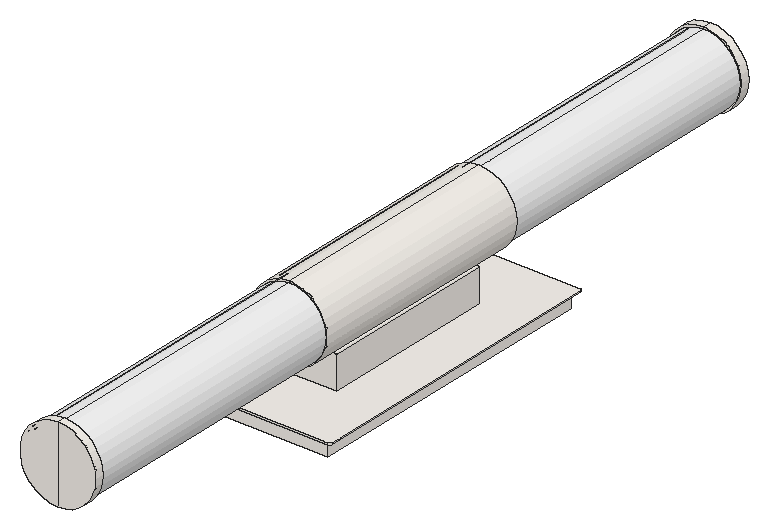
Revit family "AFX-Dax-Sconce+", category Lighting Fixtures, host Face, Revit 2020
Family settings
  Host = Face
  Round Connector Dimension = Use Diameter
  Part Type = Normal
  Cut with Voids When Loaded = No
  Light Source = Yes
  Shared = No
  Room Calculation Point = No
Parameters (values of type "DAXV27")
  Width = 4"
  Wattage Comments = "19W"
  Wattage = 19 W
  built-in parameter 1150110 = 1 (stored number, unit not read)
  Voltage = 120 V
  URL = "https://www.afxinc.com/"
  Type Comments = "DAX"  # constant formula
  built-in parameter 1114217 = 1 (stored number, unit not read)
  Tilt Angle = 90.00°
  built-in parameter 1150109 = 1 (stored number, unit not read)
  built-in parameter 1150134 = (empty or 0)
  built-in parameter 1150113 = 1 (stored number, unit not read)
  Screen Finish = AFX - Diffuser
  Revit Model Built By = "https://servex-us.com/servex-revit/"
  Product Documentation Link = "https://www.afxinc.com/products/productDetail.cfm?productID=1634"
  Photometric Web File = "DAXV2705L30D1xx_IES.IES"
  Model = "DAXV27"
  Manufacturer = "AFX Inc"  # constant formula
  built-in parameter 1150105 = 421.73 (stored number, unit not read)
  Lumens = 2822.3 lm
  built-in parameter 1150115 = 1 (stored number, unit not read)
  built-in parameter 1150137 = (empty or 0)
  built-in parameter 1150139 = (empty or 0)
  Length = 27 1/4"
  built-in parameter 1150112 = 1 (stored number, unit not read)
  built-in parameter 1150114 = 1 (stored number, unit not read)
  Lamp = "LED"
  built-in parameter 1150132 = (empty or 0)
  built-in parameter 1150102 = (empty or 0)
  built-in parameter 1150107 = 3000 (stored number, unit not read)
  built-in parameter 1150138 = (empty or 0)
  built-in parameter 1150106 = 4.2173 (stored number, unit not read)
  Emit from Rectangle Width = Width  # 4"
  Emit from Rectangle Length = Length  # 27 1/4"
  Emit Shape Visible in Rendering = no
  built-in parameter 1150104 = 13.8 (stored number, unit not read)
  Dimming Lamp Color Temperature Shift = <None>
  Description = "27'' LED Vanity"
  Depth = 4"
  Default Elevation = 48"
  Color Rendering Index = 90
  Color Filter = 16777215
  Body Finish = AFX - Satin Nickel
  built-in parameter 1114218 = 1 (stored number, unit not read)
  built-in parameter 1150133 = 10 (stored number, unit not read)
  Assembly Code = "D5020200"
  Apparent Load = 0 VA
Types (3): name | Product Documentation Link | Photometric Web File | Length | Emit from Rectangle Length | Description
  (no name) | "https://www.afxinc.com/products/productDetail.cfm?productID=1634" | "DAXV2705L30D1xx_IES.IES" | 27 1/4" | 27 1/4" | "27'' LED Vanity"
  DAXV27 | "https://www.afxinc.com/products/productDetail.cfm?productID=1634" | "DAXV2705L30D1xx_IES.IES" | 27 1/4" | 27 1/4" | "27'' LED Vanity"
  DAXV36 | "https://www.afxinc.com/products/productDetail.cfm?productID=1250" | "DAXV3605L30D1xx_IES.IES" | 31 1/8" | 31 1/8" | "36'' LED Vanity"
Reference planes (in)
  plane 1 "Center (Front/Back)": y = 0
  plane 2: z = 0
  plane 3 "Center (Left/Right)": x = 0
  plane 4: y = 13.625
  plane 5: y = -13.625
  plane 6: x = -2
  plane 7: x = 2
  plane 8: z = 4
  plane 9: z = 1.5
  plane 10: z = 2.75
  plane 11: z = 0.55906
  plane 12: z = 0.51181
Forms (in)
  Revolve 1, solid, material "AFX - Diffuser" <- "Screen Finish"
    sketch origin (0, 0, 0) x (0, 1, 0) y (0, 0, 1)
      loop
        line (3.20866, 3.86468) -> (13.48425, 3.86468) -> (13.48425, 3.94488) -> (3.20866, 3.94488) -> (3.20866, 3.86468)
      loop
        line (-3.20866, 3.86468) -> (-3.20866, 3.94488) -> (-13.48425, 3.94488) -> (-13.48425, 3.86468) -> (-3.20866, 3.86468)
      axis (-13.48425, 2.75) -> (13.48425, 2.75)
    angle from 0 to 360
  Revolve 2, solid, material "AFX - Satin Nickel" <- "Body Finish"
    sketch origin (0, 0, 0) x (0, 1, 0) y (0, 0, 1)
      loop
        line (13.48425, 2.75) -> (13.56299, 2.75) -> (13.56299, 4.01378) -> (13.2874, 4.01378) -> (13.2874, 3.95128) -> (13.48425, 3.95128) -> (13.48425, 2.75)
      loop
        line (-13.48425, 2.75) -> (-13.48425, 3.95128) -> (-13.2874, 3.95128) -> (-13.2874, 4.01378) -> (-13.56299, 4.01378) -> (-13.56299, 2.75) -> (-13.48425, 2.75)
      loop
        line (3.93701, 3.94213) -> (3.93701, 4) -> (-3.93701, 4) -> (-3.93701, 3.94213) -> (3.93701, 3.94213)
      axis (-13.56299, 2.75) -> (13.56299, 2.75)
    angle from 0 to 360
  Extrusion 3, solid, material "AFX - Satin Nickel" <- "Body Finish"
    sketch origin (0, 5.23622, 0.51181) x (0, 1, 0) y (-1, 0, 0)
      loop
        line (-0.07874, 2.40157) -> (-10.3937, 2.40157)
        arc (-10.3937, 2.40157) -> (-10.44938, 2.37851) -> (-10.47244, 2.32283) r 0.07874
        line (-10.47244, 2.32283) -> (-10.47244, -2.32283)
        arc (-10.47244, -2.32283) -> (-10.44938, -2.37851) -> (-10.3937, -2.40157) r 0.07874
        line (-10.3937, -2.40157) -> (-0.07874, -2.40157)
        arc (-0.07874, -2.40157) -> (-0.02306, -2.37851) -> (0, -2.32283) r 0.07874
        line (0, -2.32283) -> (0, 2.32283)
        arc (0, 2.32283) -> (-0.02306, 2.37851) -> (-0.07874, 2.40157) r 0.07874
    from 0 to 0.04724
  Extrusion 4, solid, material "AFX - Satin Nickel" <- "Body Finish"
    sketch origin (0, 0, 0) x (1, 0, 0) y (0, 1, 0)
      loop
        line (-2.16535, 5.03937) -> (-2.16535, -5.03937) -> (2.16535, -5.03937) -> (2.16535, 5.03937) -> (-2.16535, 5.03937)
    from 0 to 0.51181
  Extrusion 5, solid, material "AFX - Satin Nickel" <- "Body Finish"
    sketch origin (0, 0, 0) x (1, 0, 0) y (0, 0, 1)
      loop
        line (-0.7874, 0.55906) -> (0.77796, 0.55906) -> (0.77796, 1.63325)
        arc (0.77796, 1.63325) -> (0.74546, 1.68808) -> (0.68175, 1.68588) r 0.0625
        arc (0.68175, 1.68588) -> (-0.00535, 1.48623) -> (-0.69074, 1.69169) r 1.26378
        arc (-0.69074, 1.69169) -> (-0.75466, 1.69431) -> (-0.7874, 1.63935) r 0.0625
        line (-0.7874, 1.63935) -> (-0.7874, 0.55906)
    from -2.95529 to 2.95772
Dimensions and locks (in)
  equal spacing: plane 5, plane 1 "Center (Front/Back)", plane 4
  "Width": plane 6 to plane 7
  equal spacing: plane 6, plane 3 "Center (Left/Right)", plane 7
  "Length": plane 4 to plane 5
  plane 8 to plane 9 = 2 1/2"
  "Depth": plane 8 to plane 2
  equal spacing: plane 8, plane 10, plane 9
  locked: Revolve 1 sketch curve to Revolve 1 sketch curve at 0.0802  (x2)
  locked: plane 4 to Revolve 1 sketch curve at 0.14075
  locked: Revolve 1 sketch curve to plane 5 at 0.14075
  equal spacing: Revolve 1 sketch curve, plane 1 "Center (Front/Back)", Revolve 1 sketch curve, locked at 3.20866 each
  locked: Revolve 1 sketch curve to plane 10 at 1.11468  (x2)
  Revolve 2 sketch curve to Revolve 2 sketch curve to plane 10 = 1/16" locked, 1.20128" locked  (x2)
  plane 4 to Revolve 2 sketch curve to Revolve 2 sketch curve to Revolve 2 sketch curve = 0.06201" locked, 0.07874" locked, 0.19685" locked
  plane 5 to Revolve 2 sketch curve to Revolve 2 sketch curve to Revolve 2 sketch curve = 0.06201" locked, 0.07874" locked, 0.19685" locked
  locked: plane 11 to plane 12 at 0.04724
  Extrusion 3 sketch curve to plane 3 "Center (Left/Right)" to Extrusion 3 sketch curve = 2.40157" locked, 2.40157" locked
  Extrusion 3 sketch curve to plane 1 "Center (Front/Back)" to Extrusion 3 sketch curve = 5.23622" locked, 5.23622" locked
  Extrusion 4 sketch curve to plane 3 "Center (Left/Right)" to Extrusion 4 sketch curve = 2.16535" locked, 2.16535" locked
  Extrusion 4 sketch curve to plane 1 "Center (Front/Back)" to Extrusion 4 sketch curve = 5.03937" locked, 5.03937" locked
  Extrusion 5 sketch curve to plane 3 "Center (Left/Right)" to Extrusion 5 sketch curve = 0.71546" locked, 0.7249" locked
  Extrusion 5 to plane 1 "Center (Front/Back)" to Extrusion 5 = 2.95529" locked, 2.95772" locked
  aligned and locked: plane 2 to host face
  aligned and locked: level to host face
  aligned and locked: imposter light to plane 10
  aligned and locked: imposter light to plane 3 "Center (Left/Right)"
  aligned and locked: imposter light to plane 1 "Center (Front/Back)"
  aligned and locked: plane 10 to Revolve 1 sketch curve
  aligned and locked: plane 10 to Revolve 2 sketch curve
  aligned and locked: Extrusion 3 to plane 12
  aligned and locked: plane 11 to Extrusion 3
  aligned and locked: Extrusion 4 to plane 2
  aligned and locked: plane 12 to Extrusion 4
  aligned and locked: imposter light to Extrusion 5 sketch curve
  aligned and locked: Extrusion 5 sketch curve to plane 11
  aligned and locked: Revolve 2 sketch curve to plane 8
Automatic sketch dimensions
  host sketch curve to host sketch curve = 96"  (x2)
  Revolve 1 sketch curve to Revolve 1 sketch curve = 0"
  Revolve 1 sketch curve to Revolve 1 sketch curve = 0.72835"
  plane 1 "Center (Front/Back)" to Revolve 1 sketch curve = 3.20866"
  Extrusion 3 sketch curve to Extrusion 3 sketch curve = 0.07874"  (x3)
  Extrusion 3 sketch curve to Extrusion 3 sketch curve = 0"
  Extrusion 5 sketch curve to plane 10 = 0"
  plane 9 to Extrusion 5 sketch curve = 0.13325"
  plane 9 to Extrusion 5 sketch curve = 0.13935"
  Extrusion 5 sketch curve to Extrusion 5 sketch curve = 0.03416"
  Extrusion 5 sketch curve to Extrusion 5 sketch curve = 0"  (x2)
  plane 10 to Revolve 2 sketch curve = 0"
  Revolve 2 sketch curve to plane 10 = 0"
  Revolve 2 sketch curve to plane 8 = 0.05787"
  plane 1 "Center (Front/Back)" to Revolve 2 sketch curve = 3.93701"
  Revolve 2 sketch curve to plane 1 "Center (Front/Back)" = 3.93701"
  Revolve 2 sketch curve to Revolve 2 sketch curve = 4"
  Revolve 2 sketch curve to Revolve 2 sketch curve = 1"
Connectors (in)
  electrical at (0, 0, 0), driven by "Voltage", driven by "Apparent Load"
    settings: on Extrusion 4, index 1, voltage 120 V, apparent load 0 VA, apparent load phase1 0 VA, apparent load phase2 0 VA, apparent load phase3 0 VA, power factor 1, load classification "Lighting", number of poles 1, system type 31, power factor state 1, is connector primary yes, connector utility no, sub classification motor no, connector description ""
